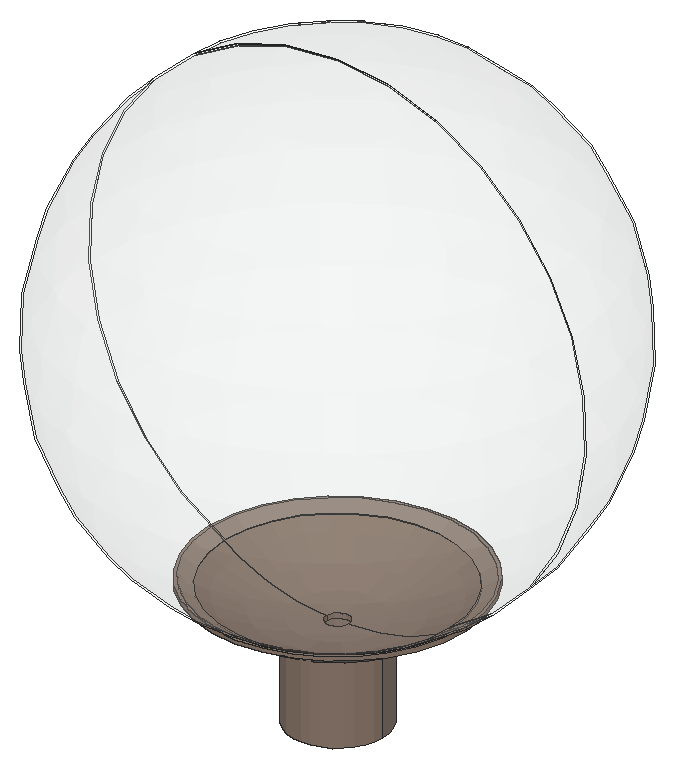
Revit family "WG020", category Generic Models, Revit 2014
Parameters
  GLASS = Glass
  CAST = Bronze, Architectural
Reference planes (in)
  plane 1 "Center (Front/Back)": y = 0
  plane 2: z = 0
  plane 3 "Center (Left/Right)": x = 0
Forms (in)
  Revolve 1, solid, material "Bronze, Architectural" <- "CAST"
    sketch origin (0, 0, 0) x (1, 0, 0) y (0, 0, 1)
      loop
        line (-2, 3.4375) -> (-2, 3.25) -> (-1.8125, 3.25) -> (-1.8125, 0) -> (-1.625, 0) -> (-1.625, 3.25) -> (-1, 3.25) -> (-1, 3.4375) -> (-2, 3.4375)
      axis (0, 3.4375) -> (0, 0)
    angle from 0 to 360
  Revolve 2, solid, material "Bronze, Architectural" <- "CAST"
    sketch origin (0, 0, 0) x (1, 0, 0) y (0, 0, 1)
      loop
        line (-5.15467, 5.16177) -> (-5.15467, 5.00568)
        arc (-5.15467, 5.00568) -> (-2.93221, 3.83701) -> (-0.45743, 3.41205) r 8.02847
        line (-0.45743, 3.41205) -> (-0.44228, 3.59938)
        arc (-0.44228, 3.59938) -> (-2.87056, 4.01409) -> (-5.05033, 5.16177) r 7.84097
        line (-5.05033, 5.16177) -> (-5.15467, 5.16177)
      axis (0, 5.16177) -> (0, 3.41205)
    angle from 0 to 360
  Revolve 3, solid, material "Glass" <- "GLASS"
    sketch origin (0, 0, 0) x (1, 0, 0) y (0, 0, 1)
      loop
        arc (0, 23.72023) -> (-9.71418, 16.06151) -> (-4.53381, 4.82829) r 9.99
        line (-4.53381, 4.82829) -> (-4.5016, 4.88202)
        arc (-4.5016, 4.88202) -> (-9.65391, 16.04482) -> (0, 23.65773) r 9.9275
        line (0, 23.65773) -> (0, 23.72023)
      axis (0, 23.72023) -> (0, 4.82829)
    angle from 0 to 360
Dimensions and locks (in)
  aligned and locked: plane 2 to level
